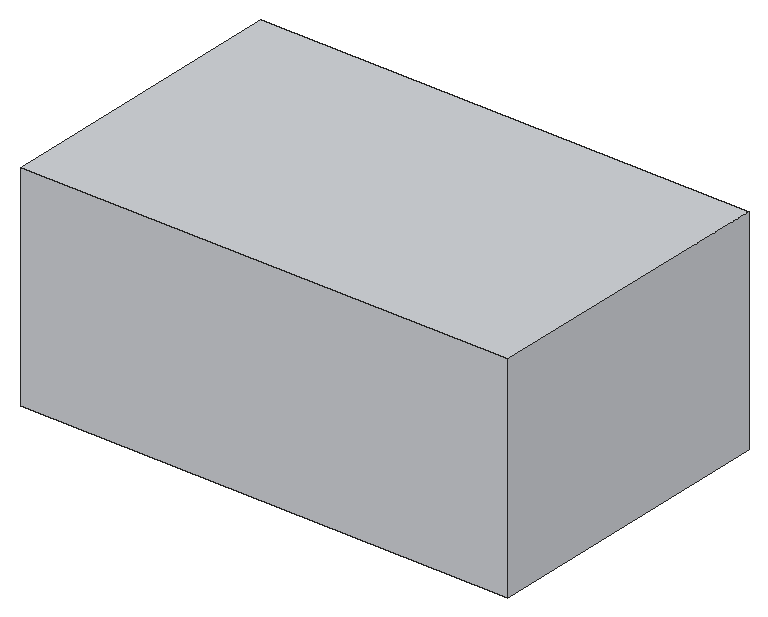
Revit family "5f38da59ace94a3ba5b0d608677f73ce", category Conduit Fittings, Revit 2021
Family settings
  Round Connector Dimension = Use Radius
  Part Type = Multi Port
  OmniClass Number = 23.80.30.17.11
  OmniClass Title = Conduits
  Work Plane-Based = No
  Always vertical = Yes
  Cut with Voids When Loaded = No
  Shared = No
Parameters (values of type "Single Gang")
  Width [instance] = if(not(Max Nominal Diameter 123456 > 0' 1"), 0' 2 13/16", 6 * Max Nominal Diameter 123456)  # 2 13/16"
  Nominal Radius 6 [instance] = 1/4"
  Nominal Radius 5 [instance] = 1/4"
  Nominal Radius 4 [instance] = 1/4"
  Nominal Radius 3 [instance] = 1/4"
  Nominal Radius 2 [instance] = 1/4"
  Nominal Radius 1 [instance] = 1/4"
  Nominal Diameter 6 [instance] = Nominal Radius 6 * 2  # 1/2"
  Nominal Diameter 5 [instance] = Nominal Radius 5 * 2  # 1/2"
  Nominal Diameter 4 [instance] = Nominal Radius 4 * 2  # 1/2"
  Nominal Diameter 3 [instance] = Nominal Radius 3 * 2  # 1/2"
  Nominal Diameter 2 [instance] = Nominal Radius 2 * 2  # 1/2"
  Nominal Diameter 1 [instance] = Nominal Radius 1 * 2  # 1/2"
  Max Nominal Diameter 56 [instance] = if(Nominal Diameter 5 > Nominal Diameter 6, Nominal Diameter 5, Nominal Diameter 6)  # 1/2"
  Max Nominal Diameter 34 [instance] = if(Nominal Diameter 3 > Nominal Diameter 4, Nominal Diameter 3, Nominal Diameter 4)  # 1/2"
  Max Nominal Diameter 123456 [instance] = if(Max Nominal Diameter 1234 > Max Nominal Diameter 56, Max Nominal Diameter 1234, Max Nominal Diameter 56)  # 1/2"
  Max Nominal Diameter 1234 [instance] = if(Max Nominal Diameter 12 > Max Nominal Diameter 34, Max Nominal Diameter 12, Max Nominal Diameter 34)  # 1/2"
  Max Nominal Diameter 12 [instance] = if(Nominal Diameter 1 > Nominal Diameter 2, Nominal Diameter 1, Nominal Diameter 2)  # 1/2"
  Length 2 [instance] = if(not(Max Nominal Diameter 123456 > 0' 1"), 0' 1 1/2", Max Nominal Diameter 123456 + 0' 0 1/2")  # 1 1/2"
  Length 1 [instance] = (Length - Length 2) * 0.5  # 1 17/32"
  Length [instance] = if(not(Max Nominal Diameter 123456 > 0' 1"), 0' 4 9/16", 8 * Max Nominal Diameter 123456)  # 4 9/16"
  Height [instance] = if(not(Max Nominal Diameter 123456 > 0' 1"), 0' 2", if(Max Nominal Diameter 123456 < 0' 6", 0' 6", Max Nominal Diameter 123456 * 1.2))  # 2"
  Default Elevation = 0' - 0"
Reference planes (in)
  plane 1 "Center (Front/Back)": y = 0
  plane 2: z = 0
  plane 3 "Center (Left/Right)": x = 0
  plane 4: y = 1.40625
  plane 5: y = -1.40625
  plane 6: x = 4.5625
  plane 7: z = -1
  plane 8: z = 1
  plane 9: x = 3.03125
  plane 10: x = 1.53125
Forms (in)
  Extrusion 1, solid
    sketch origin (0, 0, 0) x (1, 0, 0) y (0, 1, 0)
      loop
        line (0, 1.40625) -> (0, -1.40625) -> (4.5625, -1.40625) -> (4.5625, 1.40625) -> (0, 1.40625)
    from -1 to 1
  Extrusion 2, solid
    sketch origin (0, 0, 0) x (1, 0, 0) y (0, 0, 1)
      loop
        circle (1.53125, 0) r 0.25
      loop
        circle (3.03125, 0) r 0.25
    from -1.40625 to -0.63666
Cuts and joins
  joined: Extrusion 1, Extrusion 2
Dimensions and locks (in)
  equal spacing: plane 4, plane 1 "Center (Front/Back)", plane 5
  "Width": plane 4 to plane 5
  equal spacing: plane 8, plane 2, plane 7
  locked: level to plane 2
  "Height": plane 8 to plane 7
  "Length": plane 3 "Center (Left/Right)" to plane 6
  "Length 1": plane 3 "Center (Left/Right)" to plane 10
  "Length 2": plane 10 to plane 9
  "Nominal Radius 1": radius of Extrusion 2 sketch curve  (x2)
  aligned and locked: Extrusion 1 sketch curve to plane 4
  aligned and locked: plane 5 to Extrusion 1 sketch curve
  aligned and locked: Extrusion 1 sketch curve to plane 6
  aligned: Extrusion 1 to plane 2
  aligned and locked: Extrusion 1 to plane 7
  aligned and locked: plane 8 to Extrusion 1
  aligned and locked: Extrusion 1 to plane 3 "Center (Left/Right)"
  aligned and locked: plane 2 to Extrusion 2 sketch curve  (x2)
  aligned and locked: plane 9 to Extrusion 2 sketch curve
  aligned and locked: plane 10 to Extrusion 2 sketch curve
  aligned and locked: plane 4 to Extrusion 2
Automatic sketch dimensions
  plane 3 "Center (Left/Right)" to Extrusion 1 sketch curve = 0' - 0"
Connectors (in)
  cabletrayconduit at (0, 0, 0), diameter 0.5, driven by "Nominal Radius 1"
    settings: on Extrusion 1, index 1, connector width 1' - 0", connector height 1' - 0", connector angle 0.00°, system type 32, placement type 0, profile type 0, connector reference index 2, is primary connector yes, connector utility param no, connector description ""
  cabletrayconduit at (4.5625, 0, 0), diameter 0.5, driven by "Nominal Radius 2"
    settings: on Extrusion 1, index 2, connector width 1' - 0", connector height 1' - 0", connector angle 0.00°, system type 32, placement type 0, profile type 0, connector reference index 1, is primary connector no, connector utility param no, connector description ""
  cabletrayconduit at (2.28125, -1.40625, 0), diameter 0.5, driven by "Nominal Radius 3"
    settings: on Extrusion 1, index 3, connector width 1' - 0", connector height 1' - 0", connector angle 0.00°, system type 32, placement type 0, profile type 0, connector reference index -1, is primary connector no, connector utility param no, connector description ""
  cabletrayconduit at (1.53125, 1.40625, 0), diameter 0.5, driven by "Nominal Radius 4"
    settings: on Extrusion 2, index 4, connector width 1' - 0", connector height 1' - 0", connector angle 0.00°, system type 32, placement type 0, profile type 0, connector reference index -1, is primary connector no, connector utility param no, connector description ""
  cabletrayconduit at (3.03125, 1.40625, 0), diameter 0.5, driven by "Nominal Radius 5"
    settings: on Extrusion 2, index 5, connector width 1' - 0", connector height 1' - 0", connector angle 0.00°, system type 32, placement type 0, profile type 0, connector reference index -1, is primary connector no, connector utility param no, connector description ""
  cabletrayconduit at (2.28125, 0, -1), diameter 0.5, driven by "Nominal Radius 6"
    settings: on Extrusion 1, index 6, connector width 1' - 0", connector height 1' - 0", connector angle 0.00°, system type 32, placement type 0, profile type 0, connector reference index -1, is primary connector no, connector utility param no, connector description ""
